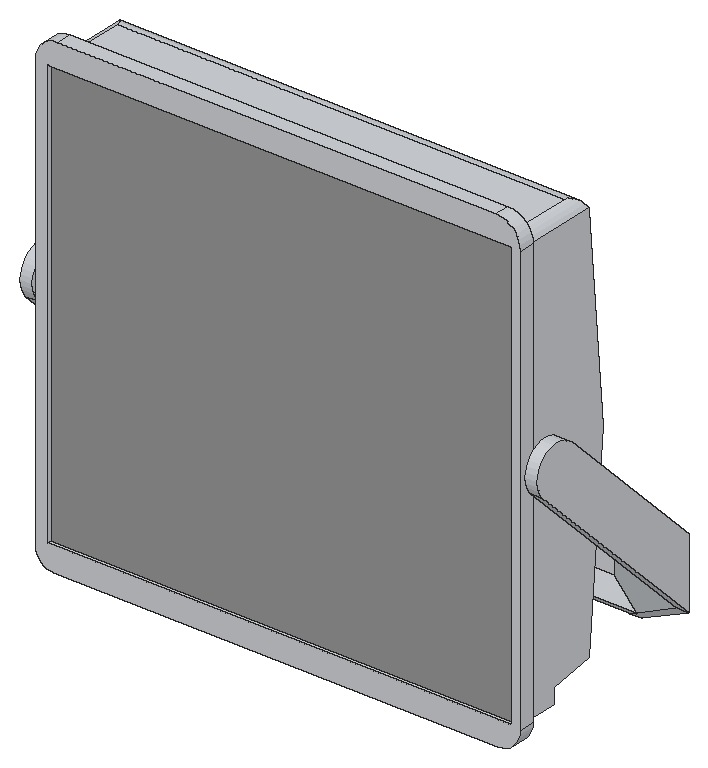
Revit family "O93 LED 130000 DALI 740 XNB_Unhosted", category Lighting Fixtures, Revit 2016
Family settings
  Part Type = Normal
  Round Connector Dimension = Use Diameter
  OmniClass Number = 23.80.70.00
  OmniClass Title = Lighting
  Work Plane-Based = No
  Always vertical = Yes
  Cut with Voids When Loaded = No
  Light Source = Yes
  Shared = No
  Room Calculation Point = No
Parameters
  Wiring Accessories = ""
  VoltageMax = 240 V
  UpdateDate = "16.10.2020 07:02:09"
  URL UK = "http://glamox.com/uk/products/O93/items/514084501"
  URL Sweden = "http://glamox.com/se/produkter/O93/items/514084501"
  URL Russia = "http://glamox.com/ru/products/O93/items/514084501"
  URL Other = "http://glamox.com/gsx/products/O93/items/514084501"
  URL Norway = "http://glamox.com/no/produkter/O93/items/514084501"
  URL Ireland = "http://glamox.com/ie/products/O93/items/514084501"
  URL Germany = "http://glamox.com/de/products/O93/items/514084501"
  URL Finland = "http://glamox.com/fi/products/O93/items/514084501"
  URL Estonia = "http://glamox.com/ee/products/O93/items/514084501"
  URL Denmark = "http://glamox.com/dk/produkter/O93/items/514084501"
  TypeOfEmergency = ""
  TypeOfBallast = "DALI"
  TotalWattage = 850 W
  Termination = "5x6 SC"
  Specification = "Outdoor product, in Aluminium, for Wall/Facade/Pole mounting, impact classification IK8, IP66, light source LED, lumen out 126500lm, ballast type DALI, with light source type CRI>70, 4000K, optic type XNB = extra narrow beam."
  Remark = ""
  RatedVoltage = 220 V
  PowerFactor = 98.00%
  Plug Type = ""
  NominalFrequencyRange = 50 Hz
  ModelReference = "O93"
  ModelLabel = "O93 LED 130000 DALI 740 XNB"
  Maximum TA = 35
  MaintenanceFactor = 0
  LumWidth = 565 mm
  LumLength = 630 mm
  Wattage Comments = ""
  Wattage = 850 W
  LightFixturePlacingType = "OTHER"
  LightFixtureMountingType = "OTHER"
  Length = 674 mm
  built-in parameter 1150110 = 1 (stored number, unit not read)
  Voltage = 220 V
  URL = ""
  Total Load = 850 W
  built-in parameter 1114217 = 1 (stored number, unit not read)
  Tilt Angle = 90.00°
  built-in parameter 1150109 = 1 (stored number, unit not read)
  built-in parameter 1150134 = (empty or 0)
  built-in parameter 1150113 = 1 (stored number, unit not read)
  Power Factor = 0.98
  Optic = "XNB"
  MFArtNo = "514084501"
  LampBase = ""
  Lamp Wattage Comments = ""
  IP_Code = "66"
  IPClass = "66"
  IK_Code = ""
  IFC Classification = "Light Fixture"
  Height2 = Height * 0.1  # 39.8 mm
  Photometric Web File = "O93-LED-130000-DALI-740-XNB.ies"
  Height = 398 mm
  Number of Poles = 1
  Load Classification [instance] = Lighting
  Model = ""
  Manufacturer = "Glamox"
  Lumens = 126500 lm
  built-in parameter 1150115 = 1 (stored number, unit not read)
  built-in parameter 1150105 = 17526.7 (stored number, unit not read)
  built-in parameter 1150137 = (empty or 0)
  built-in parameter 1150139 = (empty or 0)
  built-in parameter 1150112 = 1 (stored number, unit not read)
  built-in parameter 1150114 = 1 (stored number, unit not read)
  Lamp = "LED"
  built-in parameter 1150132 = 2
  built-in parameter 1150102 = (empty or 0)
  built-in parameter 1150138 = (empty or 0)
  built-in parameter 1150107 = 3000 (stored number, unit not read)
  built-in parameter 1150106 = 175.27 (stored number, unit not read)
  GlobalTradeItemNumber = "8019455840118"
  Glamox Mounting = "Wall"
  Glamox Family = "O93"
  Glamox Category = "Outdoor"
  FrequencyMax = 60 Hz
  Frequency = 50 Hz
  Expired = "0"
  Emit from Rectangle Width = LumLength  # 630 mm
  Emit from Rectangle Length = LumWidth  # 565 mm
  Emit Shape Visible in Rendering = yes
  built-in parameter 1150104 = 13.826 (stored number, unit not read)
  ELNo Norway = ""
  ELNo Finland = ""
  EANNo = "8019455840118"
  DurationInBatteryMode = ""
  Dimming Lamp Color Temperature Shift = Incandescent Lamp Curve
  Description = "O93 LED 130000 DALI 740 XNB"
  Width = 696 mm
  Cut Out = ""
  Completion = ""
  Color Filter = 16777215
  Body Material and Colour = Default
  built-in parameter 1114218 = 1 (stored number, unit not read)
  built-in parameter 1150133 = 10 (stored number, unit not read)
  Assembly Code = ""
  ArticleNumber = "514084501"
  Apparent Load = Total Load / Power Factor  # 867.347 VA
  #Ballast = 3
Reference planes
  plane 1 "Light Source Axis (F/B)": y = 118.827
  plane 2: z = 0
  plane 3 "Light Source Axis (L/R)": x = 0
  plane 4 "Light Source Elevation": x = 0
Forms (mm)
  Extrusion 1, solid
    sketch origin (0, 120.554, 0.137) x (1, 0, 0) y (0, 0, 1)
      loop
        line (295.871, 682) -> (-299.679, 682)
        arc (-299.679, 682) -> (-320.372, 673.428) -> (-328.944, 652.735) r 29.265
        line (-328.944, 652.735) -> (-328.944, 60)
        arc (-328.944, 60) -> (-321.622, 42.322) -> (-303.944, 35) r 25
        line (-303.944, 35) -> (298.984, 35)
        arc (298.984, 35) -> (320.717, 44.002) -> (329.719, 65.735) r 30.735
        line (329.719, 65.735) -> (329.719, 648.152)
        arc (329.719, 648.152) -> (319.805, 672.086) -> (295.871, 682) r 33.848
    from -20.777 to 0
  Extrusion 2, solid
    sketch origin (0, 120.554, 0.137) x (0, 1, 0) y (0, 0, 1)
      loop
        line (102.203, 658.792) -> (20.777, 658.792) -> (20.777, 65.735) -> (65.777, 65.735) -> (65.777, 85.735) -> (124.865, 96.154)
        arc (124.865, 96.154) -> (148.026, 368.654) -> (124.865, 641.154) r 1614.664
        arc (124.865, 641.154) -> (116.954, 654.367) -> (102.203, 658.792) r 21.298
    from -317.906 to 322.094
  Extrusion 3, void
    sketch origin (0, 120.554, 0.137) x (1, 0, 0) y (0, 0, 1)
      loop
        line (322.65, 642.272) -> (322.65, 659.234) -> (306.056, 659.234)
        arc (306.056, 659.234) -> (316.38, 652.736) -> (322.65, 642.272) r 26.233
    from -127.325 to -20.777
  Extrusion 4, void
    sketch origin (4.375, 120.554, 0.137) x (-1, 0, 0) y (0, 0, -1)
      loop
        arc (322.65, -637.846) -> (315.784, -651.666) -> (302.336, -659.234) r 26.233
        line (302.336, -659.234) -> (322.65, -659.234) -> (322.65, -637.846)
    from -127.325 to -20.777
  Extrusion 5, solid
    sketch origin (0, 120.554, 0.137) x (1, 0, 0) y (0, 0, 1)
      loop
        line (256.135, 422.608) -> (-248.865, 422.608) -> (-248.865, 157.608) -> (256.135, 157.608) -> (256.135, 422.608)
    from -172.088 to -131.2
  Extrusion 6, solid
    sketch origin (0, 120.554, 0.137) x (1, 0, 0) y (0, 0, 1)
      loop
        line (125.578, 405.2) -> (-119.422, 405.2) -> (-119.422, 230.2) -> (125.578, 230.2) -> (125.578, 405.2)
    from -258 to -172.088
  Extrusion 7, solid
    sketch origin (0, 120.554, 0.137) x (0, 1, 0) y (0, 0, 1)
      loop
        arc (59.111, 398.147) -> (10.982, 398.147) -> (10.982, 350.018) r 34.032
        line (10.982, 350.018) -> (258, 103) -> (258, 199.258) -> (59.111, 398.147)
    from -351.196 to -334.755
  Extrusion 8, solid
    sketch origin (0, 120.554, 0.137) x (0, 1, 0) y (0, 0, -1)
      loop
        line (59.111, -398.147) -> (258, -199.258) -> (258, -103) -> (10.982, -350.018)
        arc (10.982, -350.018) -> (10.982, -398.147) -> (59.111, -398.147) r 34.032
    from -351.196 to -334.755
  Extrusion 9, solid
    sketch origin (0, 120.554, 0.137) x (1, 0, 0) y (0, 1, 0)
      loop
        line (-351.196, 258) -> (-334.755, 258) -> (-125.023, 406) -> (-141.464, 406) -> (-351.196, 258)
    from 0 to 250
  Extrusion 10, solid
    sketch origin (0, 120.554, 0.137) x (-1, 0, 0) y (0, -1, 0)
      loop
        line (-351.196, -258) -> (-141.464, -406) -> (-125.023, -406) -> (-334.755, -258) -> (-351.196, -258)
    from 0 to 250
  Extrusion 11, void
    sketch origin (0, 120.554, 0.137) x (0, 1, 0) y (0, 0, 1)
      loop
        line (258, 199.258) -> (406, 51.258) -> (406, 259.258) -> (258, 259.258) -> (258, 199.258)
    from 108.002 to 368.769
  Extrusion 12, void
    sketch origin (0, 120.554, 0.137) x (0, 1, 0) y (0, 0, 1)
      loop
        line (258, 103) -> (251.137, 109.863) -> (251.137, -10.137) -> (371.137, -10.137) -> (258, 103)
    from 108.002 to 368.769
  Extrusion 13, void
    sketch origin (0, 120.554, 0.137) x (0, 1, 0) y (0, 0, -1)
      loop
        line (258, -199.258) -> (258, -259.258) -> (406, -259.258) -> (406, -51.258) -> (258, -199.258)
    from 108.002 to 368.769
  Extrusion 14, void
    sketch origin (0, 120.554, 0.137) x (0, 1, 0) y (0, 0, -1)
      loop
        line (258, -103) -> (371.137, 10.137) -> (251.137, 10.137) -> (251.137, -109.863) -> (258, -103)
    from 108.002 to 368.769
  Extrusion 15, solid
    sketch origin (0, 120.554, 0.137) x (0, 1, 0) y (0, 0, 1)
      loop
        line (406, 51.258) -> (396.858, 51.258) -> (396.858, 14.142) -> (346.858, 14.142) -> (361, 0) -> (406, 0) -> (406, 51.258)
    from -208.628 to 208
  Extrusion 16, void
    sketch origin (0, 120.554, 0.137) x (1, 0, 0) y (0, 1, 0)
      loop
        line (-213.92, 354.865) -> (-128.92, 414.383) -> (-213.92, 414.383) -> (-213.92, 354.865)
    from 0 to 250
  Extrusion 17, void
    sketch origin (0, 120.554, 0.137) x (-1, 0, 0) y (0, -1, 0)
      loop
        line (-213.92, -354.865) -> (-213.92, -414.383) -> (-128.92, -414.383) -> (-213.92, -354.865)
    from 0 to 250
  Extrusion 18, void
    sketch origin (5, 120.554, -4.863) x (0, 1, 0) y (0, 0, 1)
      loop
        line (0, 654.863) -> (0, 73.588) -> (5, 73.588) -> (5, 654.863) -> (0, 654.863)
    from -317.291 to 312.354
Cuts and joins
  Extrusion 11, Extrusion 16, Extrusion 17 cuts Extrusion 15
  Extrusion 14 cuts Extrusion 7
  Extrusion 13, Extrusion 14 cuts Extrusion 9
  Extrusion 11, Extrusion 12 cuts Extrusion 10
  Extrusion 3, Extrusion 4 cuts Extrusion 2
  Extrusion 18 cuts Extrusion 1
Lines and regions (mm)
  symbolic lines
    curve 1: circle (0, -17.756, 0) r 215 normal (0, 0, 1)
    curve 2: line (0, -17.756, 0) -> (-148.467, 137.751, 0)
    curve 3: line (0, -17.756, 0) -> (-143.467, -177.888, 0)
    curve 4: arc (335.356, 118.827, 0) -> (0, 370.147, 0) -> (-335.356, 118.827, 0) r 349.406
    curve 5: line (61.283, -263.621, 0) -> (61.283, -498.621, 0)
    curve 6: line (61.283, -498.621, 0) -> (78.961, -480.944, 0)
    curve 7: line (61.283, -498.621, 0) -> (47.141, -484.479, 0)
    curve 11: line (-68.717, -263.621, 0) -> (-68.717, -498.621, 0)
    curve 12: line (-68.717, -498.621, 0) -> (-51.039, -480.944, 0)
    curve 13: line (-68.717, -498.621, 0) -> (-82.859, -484.479, 0)
    curve 14: line (0, -17.756, 0) -> (152.028, -169.784, 0)
    curve 15: line (0, -17.756, 0) -> (152.028, 134.272, 0)
  symbolic lines, not visible
    curve 8: line (382.449, 180.11, 0) -> (617.449, 180.11, 0)
    curve 9: line (617.449, 180.11, 0) -> (599.771, 197.788, 0)
    curve 10: line (617.449, 180.11, 0) -> (603.307, 165.968, 0)
Dimensions and locks
  radius of curve 1 = 215 mm
  aligned and locked: imposter light to plane 1 "Light Source Axis (F/B)"
